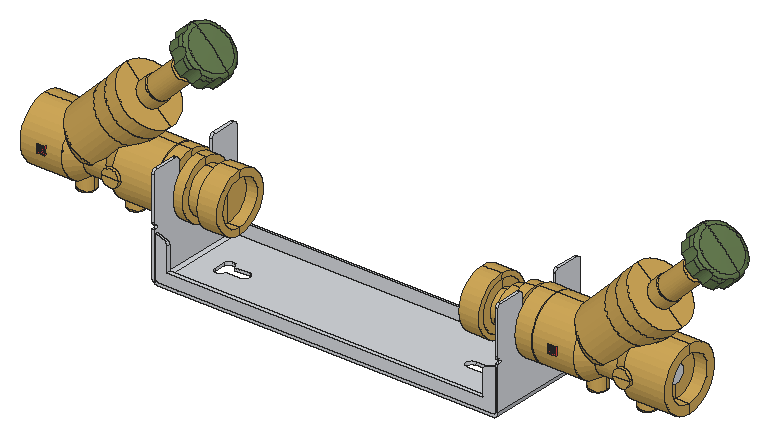
Revit family "Комплект для подключения счетчиков воды 4126", category Rohrzubehör, Revit 2018
Family settings
  Bemaßung runder Anschluss = Durchmesser verwenden
  Teiletyp = Unterbricht
  OmniClass-Nummer = 23.65.55.14
  OmniClass-Titel = Valves for Liquid Services
  Arbeitsebenenbasiert = Nein
  Immer vertikal = Ja
  Beim Laden mit Abzugskörper schneiden = Nein
  Gemeinsam genutzt = Nein
Parameters
  Шпиндель = "штампованная латунь CW 617N"  # constant formula
  Среда = "Питьевая вода"  # constant formula
  Примечание = "В соответствии со статьей 33 Регламента REACH (Registration; Evaluation; Authorisation; Restriction of Chemicals) (EC № 1907/2006) мы обязаны указать, что свинец внесен в список SVHC (Substances of Very High Concern - вещества очень высокой важности) и весовой процент свинца во всех латунных компонентах заводского изготовления в наших изделиях, превышает 0,1 % (w/w) (CAS: 7439-92-1 / EINECS: 231-100-4).\r\nПоскольку свинец является легирующим компонентом сплава, прямое негативное влияние исключается, и поэтому дополнительной информации о безопасном использовании не требуется."
  Область применения = "Для перекрытия трубопроводов системы питьевого водоснабжения и для установки водосчетчика."
  Номер заказа [instance] = size_lookup("4126W_", "Artnr", 0, Nennweite AG)  # 2412666
  Маховик = "пластик, цвет - зеленый"  # constant formula
  Макс. рабочее давление = 1600000.0 Pa  # constant formula
  Макс. рабочая температура = 80 °C  # constant formula
  Корпус = "литая латунь, устойчивая к селективной цинковой коррозии, CC770S"  # constant formula
  Давление открытия обратного клапана = "согласно DIN EN 13959"  # constant formula
  W01 = 20.00°  # constant formula
  URL = "www.herz-armaturen.ru"
  T03 [instance] = R02 - 3.000 mm  # 54.500 mm
  T02 = 17.000 mm  # constant formula
  T01 = 3.000 mm  # constant formula
  SW03 [instance] = size_lookup("4126W_", "SW3", 1.000 mm, Nennweite AG)  # 32.500 mm
  SW02 [instance] = size_lookup("4126W_", "SW2", 1.000 mm, Nennweite AG)  # 32.500 mm
  SW01 [instance] = size_lookup("4126W_", "SW1", 1.000 mm, Nennweite AG)  # 35.000 mm
  SC_NennweiteBerechnet = 0
  SC_Dimension = ""
  SCTWSEQ = "AW;SBT_TYP_AW=\"105\";2"
  SCTWCODE = "02;01;02"  # constant formula
  S05 [instance] = L02 + L12 - L03  # 214.500 mm
  S04 [instance] = L02 + L04 - L03  # 211.500 mm
  S03 = 10.000 mm  # constant formula
  S02 [instance] = Nennweite IG  # 50.000 mm
  S01 [instance] = L01 - L03  # 56.000 mm
  S = 3.000 mm  # constant formula
  R50 = 4.000 mm  # constant formula
  R02 [instance] = size_lookup("4126W_", "R2", 1.000 mm, Nennweite AG)  # 57.500 mm
  R01 [instance] = size_lookup("4126W_", "R1", 1.000 mm, Nennweite AG)  # 24.000 mm
  Nennweite IG [instance] = size_lookup("4126W_", "DN1", 1.000 mm, Nennweite AG)  # 50.000 mm
  Nennweite AG [instance] = 50.000 mm
  Макс. перепад давления на закрытом седле = 1000000.0 Pa  # constant formula
  L99 [instance] = size_lookup("4126W_", "L99", 1.000 mm, Nennweite AG)  # 300.000 mm
  L15 = 2.000 mm  # constant formula
  L14 [instance] = size_lookup("4126W_", "L14", 1.000 mm, Nennweite AG)  # 64.000 mm
  L13 [instance] = size_lookup("4126W_", "L13", 1.000 mm, Nennweite AG)  # 54.500 mm
  L12 [instance] = size_lookup("4126W_", "L12", 1.000 mm, Nennweite AG)  # 39.500 mm
  L11 [instance] = size_lookup("4126W_", "L11", 1.000 mm, Nennweite AG)  # 70.000 mm
  L10 [instance] = size_lookup("4126W_", "L10", 1.000 mm, Nennweite AG)  # 15.000 mm
  L09 [instance] = size_lookup("4126W_", "L9", 1.000 mm, Nennweite AG)  # 25.500 mm
  L08 [instance] = size_lookup("4126W_", "L8", 1.000 mm, Nennweite AG)  # 13.400 mm
  L07 [instance] = size_lookup("4126W_", "L7", 1.000 mm, Nennweite AG)  # 22.000 mm
  L06 [instance] = size_lookup("4126W_", "L6", 1.000 mm, Nennweite AG)  # 25.000 mm
  L05 [instance] = size_lookup("4126W_", "L5", 1.000 mm, Nennweite AG)  # 35.500 mm
  L04 [instance] = size_lookup("4126W_", "L4", 1.000 mm, Nennweite AG)  # 36.500 mm
  L03 [instance] = size_lookup("4126W_", "L3", 1.000 mm, Nennweite AG)  # 21.000 mm
  L02 [instance] = (L00 / 2) + 1.000 mm  # 196.000 mm
  L01 [instance] = size_lookup("4126W_", "L1", 1.000 mm, Nennweite AG)  # 77.000 mm
  L00 [instance] = size_lookup("4126W_", "L", 1.000 mm, Nennweite AG)  # 390.000 mm
  Конус = "штампованная латунь CW 617N"  # constant formula
  Hersteller = "HERZ Armaturen Ges.m.b.H."  # constant formula
  H01 [instance] = 75.000 mm  # constant formula
  H00 [instance] = 115.000 mm  # constant formula
  Незапланированные повышения температуры = "до  95 °C, продолжительностью не более 1 часа"  # constant formula
  G2 [instance] = Nennweite IG / 2  # 25.000 mm
  G1 [instance] = Nennweite AG / 2  # 25.000 mm
  DN50 [instance] = Nennweite AG = 50.000 mm  # yes
  DN40 [instance] = Nennweite AG = 40.000 mm  # no
  DN32 [instance] = Nennweite AG = 32.000 mm  # no
  DN25 [instance] = Nennweite AG = 25.000 mm  # no
  DN20 [instance] = Nennweite AG = 20.000 mm  # no
  D06 [instance] = size_lookup("4126W_", "D6", 1.000 mm, Nennweite AG)  # 21.500 mm
  D05 [instance] = size_lookup("4126W_", "D5", 1.000 mm, Nennweite AG)  # 27.000 mm
  D04 [instance] = size_lookup("4126W_", "D4", 1.000 mm, Nennweite AG)  # 18.200 mm
  D03 [instance] = size_lookup("4126W_", "D3", 1.000 mm, Nennweite AG)  # 25.000 mm
  D02 [instance] = size_lookup("4126W_", "D2", 1.000 mm, Nennweite AG)  # 25.000 mm
  D01 [instance] = size_lookup("4126W_", "D1", 1.000 mm, Nennweite AG)  # 22.500 mm
  Скоба = "оцинкованная листовая сталь"  # constant formula
  ABvor [instance] = size_lookup("4126W_", "ABvor", 1.000 mm, Nennweite AG)  # 346.500 mm
  ABnach [instance] = size_lookup("4126W_", "ABnach", 1.000 mm, Nennweite AG)  # 349.500 mm
Reference planes
  plane 1 "Mitte (Vorne/hinten)": y = 0
  plane 2: z = 0
  plane 3 "Mitte (Links/rechts)": x = 0
Forms (mm)
  Extrusion 1, solid, detail levels fine
    sketch origin (0, 0, 0) x (1, 0, 0) y (0, 0, 1)
      loop
        line (195, 40) -> (192, 40) -> (192, -69)
        arc (192, -69) -> (191.121, -71.121) -> (189, -72) r 3
        line (189, -72) -> (-189, -72)
        arc (-189, -72) -> (-191.121, -71.121) -> (-192, -69) r 3
        line (-192, -69) -> (-192, 40) -> (-195, 40) -> (-195, -69)
        arc (-195, -69) -> (-193.243, -73.243) -> (-189, -75) r 6
        line (-189, -75) -> (189, -75)
        arc (189, -75) -> (193.243, -73.243) -> (195, -69) r 6
        line (195, -69) -> (195, 40)
    from -57.5 to 57.5
  Extrusion 2, solid, detail levels fine
    sketch origin (0, 0, 0) x (1, 0, 0) y (0, 0, 1)
      loop
        line (-192, -23.301) -> (-192, -69)
        arc (-192, -69) -> (-191.121, -71.121) -> (-189, -72) r 3
        line (-189, -72) -> (189, -72)
        arc (189, -72) -> (191.121, -71.121) -> (192, -69) r 3
        line (192, -69) -> (192, -23.301) -> (180.632, -27.439)
        arc (180.632, -27.439) -> (178.723, -28.904) -> (178, -31.198) r 4
        line (178, -31.198) -> (178, -58) -> (-178, -58) -> (-178, -31.198)
        arc (-178, -31.198) -> (-178.723, -28.904) -> (-180.632, -27.439) r 4
        line (-180.632, -27.439) -> (-192, -23.301)
    from -57.5 to -54.5
  Extrusion 3, void
    sketch origin (0, 0, 0) x (0, 1, 0) y (0, 0, 1)
      loop
        arc (-24, 0) -> (0, -24) -> (24, 0) r 24
        line (24, 0) -> (24, 36)
        arc (24, 36) -> (25.172, 38.828) -> (28, 40) r 4
        line (28, 40) -> (53.5, 40)
        arc (53.5, 40) -> (56.328, 38.828) -> (57.5, 36) r 4
        line (57.5, 36) -> (57.5, -13)
        arc (57.5, -13) -> (56.621, -15.121) -> (54.5, -16) r 3
        arc (54.5, -16) -> (52.5, -18) -> (54.5, -20) r 2
        line (54.5, -20) -> (65.5, -20) -> (65.5, 45) -> (-65.5, 45) -> (-65.5, -20) -> (-54.5, -20)
        arc (-54.5, -20) -> (-52.5, -18) -> (-54.5, -16) r 2
        arc (-54.5, -16) -> (-56.621, -15.121) -> (-57.5, -13) r 3
        line (-57.5, -13) -> (-57.5, 36)
        arc (-57.5, 36) -> (-56.328, 38.828) -> (-53.5, 40) r 4
        line (-53.5, 40) -> (-28, 40)
        arc (-28, 40) -> (-25.172, 38.828) -> (-24, 36) r 4
        line (-24, 36) -> (-24, 0)
    from 300 to -300
  Extrusion 4, void
    sketch origin (0, 0, 0) x (1, 0, 0) y (0, 1, 0)
      loop
        arc (119.097, 6.1) -> (112.997, 0) -> (119.097, -6.1) r 6.1
        line (119.097, -6.1) -> (158.897, -6.1)
        arc (158.897, -6.1) -> (164.997, 0) -> (158.897, 6.1) r 6.1
        line (158.897, 6.1) -> (119.097, 6.1)
      loop
        line (-165, 6.1) -> (-165, -6.1)
        arc (-165, -6.1) -> (-158.9, -12.2) -> (-152.8, -6.1) r 6.1
        line (-152.8, -6.1) -> (-136.1, -6.1)
        arc (-136.1, -6.1) -> (-130, 0) -> (-136.1, 6.1) r 6.1
        line (-136.1, 6.1) -> (-152.8, 6.1)
        arc (-152.8, 6.1) -> (-158.9, 12.2) -> (-165, 6.1) r 6.1
    from -75 to -72
  Revolve 5, solid, material "Messing, weicher Gelbton, geschweißt", detail levels fine
    sketch origin (0, 0, 0) x (1, 0, 0) y (0, 0, 1)
      loop
        line (-232.5, 0) -> (-155.5, 0) -> (-155.5, 25) -> (-180.5, 25) -> (-180.5, 32.5) -> (-191, 32.5) -> (-191, 22.5) -> (-196, 22.5) -> (-196, 35) -> (-211.5, 35) -> (-211.5, 25) -> (-232.5, 25) -> (-232.5, 0)
      axis (-232.5, 0) -> (-155.5, 0)
    angle from 0 to 360
  Revolve 6, solid, material "Messing, weicher Gelbton, geschweißt", detail levels fine
    sketch origin (0, 0, 0) x (1, 0, 0) y (0, 0, 1)
      loop
        line (-164.1, 0) -> (-155.5, 0) -> (-155.5, 25) -> (-142.1, 25) -> (-142.1, 32.5) -> (-164.1, 32.5) -> (-164.1, 0)
      axis (-164.1, 0) -> (-142.1, 0)
    angle from 0 to 360
  Revolve 7, solid, material "Messing, weicher Gelbton, geschweißt", detail levels fine
    sketch origin (0, 0, 0) x (-1, 0, 0) y (0, 0, 1)
      loop
        line (-235.5, 0) -> (-198, 0) -> (-198, 18.2) -> (-165.5, 18.2) -> (-165.5, 25) -> (-180.5, 25) -> (-180.5, 32.5) -> (-191, 32.5) -> (-191, 22.5) -> (-196, 22.5) -> (-196, 35) -> (-214.5, 35) -> (-214.5, 25) -> (-235.5, 25) -> (-235.5, 0)
      axis (-235.5, 0) -> (-165.5, 0)
    angle from 0 to 360
  Revolve 8, solid, material "Messing, weicher Gelbton, geschweißt", detail levels fine
    sketch origin (0, 0, 0) x (1, 0, 0) y (0, 0, 1)
      loop
        line (208.5, 0) -> (208.5, 18.2) -> (154, 18.2) -> (154, 27) -> (146.5, 27) -> (146.5, 21.5) -> (144.5, 21.5) -> (144.5, 0) -> (208.5, 0)
      axis (144.5, 0) -> (208.5, 0)
    angle from 0 to 360
  Revolve 9, solid, material "Messing, weicher Gelbton, geschweißt", detail levels fine
    sketch origin (-18.22, 0, 0) x (-1, 0, 0) y (0, 0, 1)
      loop
        line (-171.32, 0) -> (-162.72, 0) -> (-162.72, 25) -> (-149.32, 25) -> (-149.32, 32.5) -> (-171.32, 32.5) -> (-171.32, 0)
      axis (-171.32, 0) -> (-149.32, 0)
    angle from 0 to 360
  Extrusion 10, solid, detail levels fine
    sketch origin (0, 0, 0) x (1, 0, 0) y (0, 0, 1)
      loop
        line (-192, -23.301) -> (-192, -69)
        arc (-192, -69) -> (-191.121, -71.121) -> (-189, -72) r 3
        line (-189, -72) -> (189, -72)
        arc (189, -72) -> (191.121, -71.121) -> (192, -69) r 3
        line (192, -69) -> (192, -23.301) -> (180.632, -27.439)
        arc (180.632, -27.439) -> (178.723, -28.904) -> (178, -31.198) r 4
        line (178, -31.198) -> (178, -58) -> (-178, -58) -> (-178, -31.198)
        arc (-178, -31.198) -> (-178.723, -28.904) -> (-180.632, -27.439) r 4
        line (-180.632, -27.439) -> (-192, -23.301)
    from 54.5 to 57.5
  Extrusion 11, solid, detail levels fine
    sketch origin (55, 0, 0) x (0, 1, 0) y (0, 0, -1)
      loop
        circle (0, 0) r 10
    from 398.5 to 401.5
  Extrusion 12, solid, detail levels fine
    sketch origin (125, 0, 0) x (0, 1, 0) y (0, 0, -1)
      loop
        circle (0, 0) r 10
    from -224.5 to -221.5
Cuts and joins
  Extrusion 3, Extrusion 4 cuts Extrusion 1
Lines and regions (mm)
  model lines, detail levels coarse+medium
    curve 1: line (-211.5, 0, 0) -> (-155.5, 0, 0)
    curve 2: line (-155.5, 0, 25) -> (-155.5, 0, -25)
    curve 3: line (-155.5, 0, 25) -> (-165.5, 0, 25)
    curve 4: line (-165.5, 0, 25) -> (-155.5, 0, 0)
    curve 5: line (-155.5, 0, -25) -> (-165.5, 0, -25)
    curve 6: line (-165.5, 0, -25) -> (-155.5, 0, 0)
    curve 7: line (144.5, 0, 25) -> (144.5, 0, -25)
    curve 8: line (144.5, 0, 25) -> (154.5, 0, 25)
    curve 9: line (154.5, 0, 25) -> (144.5, 0, 0)
    curve 10: line (144.5, 0, -25) -> (154.5, 0, -25)
    curve 11: line (154.5, 0, -25) -> (144.5, 0, 0)
    curve 12: line (214.5, 0, 0) -> (144.5, 0, 0)
    curve 13: line (144.5, -25, 0) -> (144.5, 25, 0)
    curve 14: line (144.5, 25, 0) -> (154.5, 25, 0)
    curve 15: line (154.5, 25, 0) -> (144.5, 0, 0)
    curve 16: line (144.5, -25, 0) -> (154.5, -25, 0)
    curve 17: line (154.5, -25, 0) -> (144.5, 0, 0)
    curve 18: line (-155.5, -25, 0) -> (-155.5, 25, 0)
    curve 19: line (-155.5, 25, 0) -> (-165.5, 25, 0)
    curve 20: line (-165.5, 25, 0) -> (-155.5, 0, 0)
    curve 21: line (-155.5, -25, 0) -> (-165.5, -25, 0)
    curve 22: line (-165.5, -25, 0) -> (-155.5, 0, 0)
Dimensions and locks
  "H00": Extrusion 1 sketch curve to Extrusion 1 sketch curve  (x2)
  "T01": Extrusion 1 sketch curve to Extrusion 1 sketch curve  (x3)
  "L00": Extrusion 1 sketch curve to Extrusion 1 sketch curve
  equal spacing: Extrusion 1 sketch curve, plane 3 "Mitte (Links/rechts)", Extrusion 1 sketch curve
  "H01": plane 2 to Extrusion 1 sketch curve
  "T02": Extrusion 2 sketch curve to Extrusion 1
  "T02": Extrusion 1 to Extrusion 2 sketch curve  (x2)
  Extrusion 4 sketch curve to cut or joined group of Extrusion 1, Extrusion 3, Extrusion 4 = 36.103 mm
  Extrusion 4 sketch curve to Extrusion 4 sketch curve = 39.800 mm
  equal spacing: Extrusion 4 sketch curve, plane 1 "Mitte (Vorne/hinten)", Extrusion 4 sketch curve
  Extrusion 4 sketch curve to Extrusion 4 sketch curve = 12.200 mm
  cut or joined group of Extrusion 1, Extrusion 3, Extrusion 4 to Extrusion 4 sketch curve = 36.100 mm
  cut or joined group of Extrusion 1, Extrusion 3, Extrusion 4 to Extrusion 4 sketch curve = 58.900 mm
  "G1": Revolve 5 sketch curve to Revolve 5 sketch curve
  "L03": Revolve 5 sketch curve to Revolve 5 sketch curve
  "L01": Revolve 5 sketch curve to Revolve 5 sketch curve
  "L02": plane 3 "Mitte (Links/rechts)" to Revolve 5 sketch curve
  "SW01": Revolve 5 sketch curve to Revolve 5 sketch curve
  "SW02": Revolve 5 sketch curve to Revolve 5 sketch curve
  "D01": Revolve 5 sketch curve to Revolve 5 sketch curve
  "L04": Revolve 5 sketch curve to Revolve 5 sketch curve
  "L05": Revolve 5 sketch curve to Revolve 5 sketch curve
  "L06": Revolve 5 sketch curve to Revolve 5 sketch curve
  "D02": Revolve 5 sketch curve to Revolve 5 sketch curve
  "L07": Revolve 6 sketch curve to Revolve 6 sketch curve
  "SW03": Revolve 6 sketch curve to plane 2
  "G2": Revolve 6 sketch curve to plane 2
  "L08": Revolve 6 sketch curve to Revolve 5
  "L08": Revolve 6 sketch curve to Revolve 6 sketch curve
  "G1": Revolve 7 sketch curve to Revolve 7 sketch curve
  "L03": Revolve 7 sketch curve to Revolve 7 sketch curve
  "L11": Revolve 7 sketch curve to Revolve 7 sketch curve
  "SW01": Revolve 7 sketch curve to Revolve 7 sketch curve
  "SW02": Revolve 7 sketch curve to Revolve 7 sketch curve
  "D01": Revolve 7 sketch curve to Revolve 7 sketch curve
  "L12": Revolve 7 sketch curve to Revolve 7 sketch curve
  "L09": Revolve 7 sketch curve to Revolve 7 sketch curve
  "L10": Revolve 7 sketch curve to Revolve 7 sketch curve
  "D03": Revolve 7 sketch curve to Revolve 7 sketch curve
  "L02": plane 3 "Mitte (Links/rechts)" to Revolve 7 sketch curve
  "D04": Revolve 7 sketch curve to plane 2
  "D04": Revolve 8 sketch curve to Revolve 8 sketch curve
  "L13": Revolve 8 sketch curve to Revolve 8 sketch curve
  "L14": Revolve 8 sketch curve to Revolve 8 sketch curve
  "L15": Revolve 8 sketch curve to Revolve 8 sketch curve
  "D05": Revolve 8 sketch curve to Revolve 8 sketch curve
  "D06": Revolve 8 sketch curve to Revolve 8 sketch curve
  "L99": Revolve 5 to Revolve 8
  "L07": Revolve 9 sketch curve to Revolve 9 sketch curve
  "L08": Revolve 9 sketch curve to Revolve 9 sketch curve
  "L08": Revolve 8 to Revolve 9 sketch curve
  "T03": plane 1 "Mitte (Vorne/hinten)" to Extrusion 2
  "R02": cut or joined group of Extrusion 1, Extrusion 3, Extrusion 4 to plane 1 "Mitte (Vorne/hinten)" to cut or joined group of Extrusion 1, Extrusion 3, Extrusion 4
  "R02": plane 1 "Mitte (Vorne/hinten)" to Extrusion 2
  "R02": Extrusion 3 sketch curve to plane 1 "Mitte (Vorne/hinten)" to Extrusion 3 sketch curve
  "R01": Extrusion 3 sketch curve to plane 1 "Mitte (Vorne/hinten)" to Extrusion 3 sketch curve
  "T02": cut or joined group of Extrusion 1, Extrusion 3, Extrusion 4 to Extrusion 10 sketch curve  (x2)
  "T02": Extrusion 10 sketch curve to cut or joined group of Extrusion 1, Extrusion 3, Extrusion 4
  "T03": Extrusion 10 to plane 1 "Mitte (Vorne/hinten)"
  "R02": Extrusion 10 to plane 1 "Mitte (Vorne/hinten)"
  "G2": Revolve 9 sketch curve to plane 2
  "SW03": Revolve 9 sketch curve to level
  "S01": curve 1 to curve 1
  equal spacing: curve 2, plane 2, curve 2
  "S02": curve 2 to curve 2
  "S03": curve 4 to curve 2
  "S04": plane 3 "Mitte (Links/rechts)" to curve 1
  "S03": curve 6 to curve 2
  equal spacing: curve 7, plane 2, curve 7
  "S02": curve 7 to curve 7
  "S03": curve 9 to curve 7
  "S03": curve 11 to curve 7
  "S05": curve 12 to plane 3 "Mitte (Links/rechts)"
  "L99": curve 12 to curve 6
  equal spacing: curve 13, plane 1 "Mitte (Vorne/hinten)", curve 13
  "S02": curve 13 to curve 13
  "S03": curve 13 to curve 15
  "S03": curve 13 to curve 17
  equal spacing: curve 18, plane 1 "Mitte (Vorne/hinten)", curve 18
  "S02": curve 18 to curve 18
  "S03": curve 18 to curve 20
  "S03": curve 18 to curve 22
  "L99": curve 18 to Revolve 9
  "L99": Revolve 6 to curve 13
  "ABnach": Extrusion 12 to plane 3 "Mitte (Links/rechts)"
  "ABvor": plane 3 "Mitte (Links/rechts)" to Extrusion 11
  "S": Extrusion 11 to Extrusion 11
  "S": Extrusion 12 to Extrusion 12
  radius of Extrusion 4 sketch curve = 6.100 mm  (x3)
  "R50": radius of Extrusion 3 sketch curve  (x4)
  "W01": angle Extrusion 2 sketch curve to plane 2
  "W01": angle plane 2 to Extrusion 2 sketch curve
  "W01": angle Extrusion 10 sketch curve to plane 2
  "W01": angle plane 2 to Extrusion 10 sketch curve
  aligned and locked: level to plane 2
Automatic sketch dimensions
  plane 1 "Mitte (Vorne/hinten)" to Extrusion 4 sketch curve = 0.000 mm
  Extrusion 4 sketch curve to Extrusion 4 sketch curve = 0.000 mm  (x2)
  Extrusion 4 sketch curve to Extrusion 4 sketch curve = 6.100 mm
  Revolve 5 sketch curve to level = 0.000 mm  (x2)
  Revolve 5 sketch curve to Revolve 5 sketch curve = 1448.205 mm
  plane 3 "Mitte (Links/rechts)" to Revolve 5 sketch curve = 1739.472 mm
  Revolve 6 sketch curve to level = 0.000 mm  (x2)
  Revolve 6 sketch curve to Revolve 6 sketch curve = 1428.686 mm
  plane 3 "Mitte (Links/rechts)" to Revolve 6 sketch curve = 1839.148 mm
  Revolve 7 sketch curve to level = 0.000 mm  (x2)
  Revolve 7 sketch curve to Revolve 7 sketch curve = 2.000 mm
  Revolve 7 sketch curve to Revolve 7 sketch curve = 1448.205 mm
  plane 3 "Mitte (Links/rechts)" to Revolve 7 sketch curve = 1739.472 mm
  Revolve 9 sketch curve to level = 0.000 mm  (x2)
  Revolve 9 sketch curve to Revolve 9 sketch curve = 1428.686 mm
  plane 3 "Mitte (Links/rechts)" to Revolve 9 sketch curve = 1857.367 mm
  Extrusion 11 sketch curve to level = 0.000 mm
  Extrusion 11 sketch curve to plane 1 "Mitte (Vorne/hinten)" = 0.000 mm
  Extrusion 12 sketch curve to level = 0.000 mm
  Extrusion 12 sketch curve to plane 1 "Mitte (Vorne/hinten)" = 0.000 mm
  curve 12 to level = 0.000 mm
  curve 1 to level = 0.000 mm
  plane 1 "Mitte (Vorne/hinten)" to curve 15 = 0.000 mm
  plane 1 "Mitte (Vorne/hinten)" to curve 17 = 0.000 mm
  plane 1 "Mitte (Vorne/hinten)" to curve 20 = 0.000 mm
  plane 1 "Mitte (Vorne/hinten)" to curve 22 = 0.000 mm
  Extrusion 1 sketch curve to Extrusion 1 sketch curve = 0.000 mm  (x2)
  Extrusion 1 sketch curve to Extrusion 1 sketch curve = 3.000 mm  (x2)
  Extrusion 2 sketch curve to level = 27.439 mm  (x2)
  Extrusion 2 sketch curve to Extrusion 2 sketch curve = 2.632 mm  (x2)
  Extrusion 2 sketch curve to Extrusion 2 sketch curve = 4.000 mm  (x2)
  Extrusion 2 sketch curve to Extrusion 2 sketch curve = 11.000 mm  (x3)
  Extrusion 2 sketch curve to Extrusion 2 sketch curve = 11.368 mm
  Extrusion 2 sketch curve to level = 23.301 mm
  Extrusion 3 sketch curve to level = 0.000 mm
  Extrusion 3 sketch curve to Extrusion 3 sketch curve = 8.000 mm  (x2)
  Extrusion 3 sketch curve to Extrusion 3 sketch curve = 3.000 mm  (x2)
  Extrusion 3 sketch curve to level = 13.000 mm  (x2)
  Extrusion 3 sketch curve to Extrusion 3 sketch curve = 2.000 mm  (x3)
  Extrusion 3 sketch curve to Extrusion 3 sketch curve = 7.000 mm
  level to Extrusion 3 sketch curve = 36.000 mm  (x2)
  Extrusion 3 sketch curve to Extrusion 3 sketch curve = 9.000 mm
  Revolve 8 sketch curve to level = 0.000 mm  (x2)
  plane 3 "Mitte (Links/rechts)" to Revolve 8 sketch curve = 144.500 mm
  Revolve 8 sketch curve to plane 3 "Mitte (Links/rechts)" = 1506.530 mm
  Revolve 8 sketch curve to Revolve 8 sketch curve = 1759.148 mm
  Extrusion 10 sketch curve to level = 27.439 mm  (x2)
  Extrusion 10 sketch curve to Extrusion 10 sketch curve = 2.632 mm  (x2)
  Extrusion 10 sketch curve to Extrusion 10 sketch curve = 1.368 mm
  Extrusion 10 sketch curve to Extrusion 10 sketch curve = 11.000 mm  (x3)
  Extrusion 10 sketch curve to level = 23.301 mm
  Extrusion 10 sketch curve to Extrusion 10 sketch curve = 4.000 mm
  Extrusion 10 sketch curve to Extrusion 10 sketch curve = 11.368 mm
  radius of Extrusion 11 sketch curve = 10.000 mm
  radius of Extrusion 12 sketch curve = 10.000 mm
Nested families
  nested 1: "Rückflussverhinderer 4126" at (-182.5, 0, 0), visible <- "DN20", type "Rückflussverhinderer 4126"
    with S02 95.900 mm, S01 32.000 mm, R12 15.000 mm, R11 5.400 mm, R10 8.500 mm, R09 11.750 mm, R08 13.000 mm, R07 16.500 mm, R06 14.600 mm, R05 10.000 mm, R04 9.500 mm, R02 10.000 mm, R01 16.000 mm, Nennweite 20.000 mm, L16 12.000 mm, L15 12.400 mm, L14 8.000 mm, L12 33.500 mm, L11 12.500 mm, L10 11.000 mm, L09 15.500 mm, L08 30.100 mm, L07 13.500 mm, L06 34.500 mm, L05 26.500 mm, L04 25.500 mm, L02 8.000 mm, L01 24.000 mm, L00 75.000 mm, H01 26.400 mm, DN50 no, DN40 no, DN32 no, DN25-DN50 no, DN25 no, DN20 yes, DN15 no, Bestellnummer 2412602
  nested 2: "Rückflussverhinderer 4126" at (183.5, 0, 0), visible <- "DN20", type "Rückflussverhinderer 4126"
    with S02 95.900 mm, S01 32.000 mm, R12 15.000 mm, R11 5.400 mm, R10 8.500 mm, R09 11.750 mm, R08 13.000 mm, R07 16.500 mm, R06 14.600 mm, R05 10.000 mm, R04 9.500 mm, R02 10.000 mm, R01 16.000 mm, Nennweite 20.000 mm, L16 12.000 mm, L15 12.400 mm, L14 8.000 mm, L12 33.500 mm, L11 12.500 mm, L10 11.000 mm, L09 15.500 mm, L08 30.100 mm, L07 13.500 mm, L06 34.500 mm, L05 26.500 mm, L04 25.500 mm, L02 8.000 mm, L01 24.000 mm, L00 75.000 mm, H01 26.400 mm, DN50 no, DN40 no, DN32 no, DN25-DN50 no, DN25 no, DN20 yes, DN15 no, Bestellnummer 2412602
  nested 3: "Rückflussverhinderer 4126" at (-190, 0, 0), visible <- "DN25", type "Rückflussverhinderer 4126"
    with S02 113.800 mm, S01 41.000 mm, R12 19.500 mm, R11 6.000 mm, R10 9.000 mm, R09 12.750 mm, R08 14.000 mm, R07 20.000 mm, R06 17.750 mm, R05 12.500 mm, R04 9.500 mm, R02 12.500 mm, R01 20.500 mm, Nennweite 25.000 mm, L16 13.500 mm, L15 12.400 mm, L14 12.000 mm, L12 43.400 mm, L11 22.400 mm, L10 11.000 mm, L09 19.500 mm, L08 34.000 mm, L07 18.000 mm, L06 38.500 mm, L05 25.500 mm, L04 25.500 mm, L02 11.000 mm, L01 27.000 mm, L00 90.000 mm, H01 32.000 mm, DN50 no, DN40 no, DN32 no, DN25-DN50 yes, DN25 yes, DN20 no, DN15 no, Bestellnummer 2412603
  nested 4: "Rückflussverhinderer 4126" at (191, 0, 0), visible <- "DN25", type "Rückflussverhinderer 4126"
    with S02 113.800 mm, S01 41.000 mm, R12 19.500 mm, R11 6.000 mm, R10 9.000 mm, R09 12.750 mm, R08 14.000 mm, R07 20.000 mm, R06 17.750 mm, R05 12.500 mm, R04 9.500 mm, R02 12.500 mm, R01 20.500 mm, Nennweite 25.000 mm, L16 13.500 mm, L15 12.400 mm, L14 12.000 mm, L12 43.400 mm, L11 22.400 mm, L10 11.000 mm, L09 19.500 mm, L08 34.000 mm, L07 18.000 mm, L06 38.500 mm, L05 25.500 mm, L04 25.500 mm, L02 11.000 mm, L01 27.000 mm, L00 90.000 mm, H01 32.000 mm, DN50 no, DN40 no, DN32 no, DN25-DN50 yes, DN25 yes, DN20 no, DN15 no, Bestellnummer 2412603
  nested 5: "Rückflussverhinderer 4126" at (-200, 0, 0), visible <- "DN32", type "Rückflussverhinderer 4126"
    with S02 129.700 mm, S01 50.000 mm, R12 24.000 mm, R11 6.000 mm, R10 9.000 mm, R09 12.750 mm, R08 14.000 mm, R07 25.000 mm, R06 24.000 mm, R05 16.000 mm, R04 9.500 mm, R02 16.000 mm, R01 25.000 mm, Nennweite 32.000 mm, L16 16.500 mm, L15 12.400 mm, L14 12.000 mm, L12 47.300 mm, L11 26.300 mm, L10 11.000 mm, L09 10.000 mm, L08 52.700 mm, L07 20.000 mm, L06 60.000 mm, L05 28.600 mm, L04 27.500 mm, L02 7.500 mm, L01 33.000 mm, L00 110.000 mm, H01 39.000 mm, DN50 no, DN40 no, DN32 yes, DN25-DN50 yes, DN25 no, DN20 no, DN15 no, Bestellnummer 2412604
  nested 6: "Rückflussverhinderer 4126" at (201, 0, 0), visible <- "DN32", type "Rückflussverhinderer 4126"
    with S02 129.700 mm, S01 50.000 mm, R12 24.000 mm, R11 6.000 mm, R10 9.000 mm, R09 12.750 mm, R08 14.000 mm, R07 25.000 mm, R06 24.000 mm, R05 16.000 mm, R04 9.500 mm, R02 16.000 mm, R01 25.000 mm, Nennweite 32.000 mm, L16 16.500 mm, L15 12.400 mm, L14 12.000 mm, L12 47.300 mm, L11 26.300 mm, L10 11.000 mm, L09 10.000 mm, L08 52.700 mm, L07 20.000 mm, L06 60.000 mm, L05 28.600 mm, L04 27.500 mm, L02 7.500 mm, L01 33.000 mm, L00 110.000 mm, H01 39.000 mm, DN50 no, DN40 no, DN32 yes, DN25-DN50 yes, DN25 no, DN20 no, DN15 no, Bestellnummer 2412604
  nested 7: "Rückflussverhinderer 4126" at (-274.5, 0, 0), visible <- "DN40", type "Rückflussverhinderer 4126"
    with S02 143.400 mm, S01 55.000 mm, R12 26.500 mm, R11 6.000 mm, R10 9.000 mm, R09 12.750 mm, R08 14.000 mm, R07 28.500 mm, R06 27.000 mm, R05 20.000 mm, R04 9.500 mm, R02 20.000 mm, R01 27.500 mm, Nennweite 40.000 mm, L16 19.000 mm, L15 12.400 mm, L14 14.000 mm, L12 50.000 mm, L11 28.000 mm, L10 12.000 mm, L09 15.000 mm, L08 51.500 mm, L07 21.000 mm, L06 66.000 mm, L05 32.000 mm, L04 31.000 mm, L02 9.000 mm, L01 38.000 mm, L00 120.000 mm, H01 40.000 mm, DN50 no, DN40 yes, DN32 no, DN25-DN50 yes, DN25 no, DN20 no, DN15 no, Bestellnummer 2412605
  nested 8: "Rückflussverhinderer 4126" at (274.5, 0, 0), visible <- "DN40", type "Rückflussverhinderer 4126"
    with S02 143.400 mm, S01 55.000 mm, R12 26.500 mm, R11 6.000 mm, R10 9.000 mm, R09 12.750 mm, R08 14.000 mm, R07 28.500 mm, R06 27.000 mm, R05 20.000 mm, R04 9.500 mm, R02 20.000 mm, R01 27.500 mm, Nennweite 40.000 mm, L16 19.000 mm, L15 12.400 mm, L14 14.000 mm, L12 50.000 mm, L11 28.000 mm, L10 12.000 mm, L09 15.000 mm, L08 51.500 mm, L07 21.000 mm, L06 66.000 mm, L05 32.000 mm, L04 31.000 mm, L02 9.000 mm, L01 38.000 mm, L00 120.000 mm, H01 40.000 mm, DN50 no, DN40 yes, DN32 no, DN25-DN50 yes, DN25 no, DN20 no, DN15 no, Bestellnummer 2412605
  nested 9: "Rückflussverhinderer 4126" at (-286.5, 0, 0), visible <- "DN50", type "Rückflussverhinderer 4126"
    with S02 182.900 mm, S01 70.000 mm, R12 34.000 mm, R11 6.000 mm, R10 9.000 mm, R09 13.000 mm, R08 14.000 mm, R07 35.000 mm, R06 33.500 mm, R05 25.000 mm, R04 9.500 mm, R02 25.000 mm, R01 35.000 mm, Nennweite 50.000 mm, L16 23.500 mm, L15 12.400 mm, L14 19.000 mm, L12 66.500 mm, L11 41.000 mm, L10 15.500 mm, L09 17.500 mm, L08 66.000 mm, L07 31.500 mm, L06 86.500 mm, L05 36.500 mm, L04 37.500 mm, L02 13.000 mm, L01 47.000 mm, L00 150.000 mm, H01 45.000 mm, DN50 yes, DN40 no, DN32 no, DN25-DN50 yes, DN25 no, DN20 no, DN15 no, Bestellnummer 2412606
  nested 10: "Rückflussverhinderer 4126" at (289.5, 0, 0), visible <- "DN50", type "Rückflussverhinderer 4126"
    with S02 182.900 mm, S01 70.000 mm, R12 34.000 mm, R11 6.000 mm, R10 9.000 mm, R09 13.000 mm, R08 14.000 mm, R07 35.000 mm, R06 33.500 mm, R05 25.000 mm, R04 9.500 mm, R02 25.000 mm, R01 35.000 mm, Nennweite 50.000 mm, L16 23.500 mm, L15 12.400 mm, L14 19.000 mm, L12 66.500 mm, L11 41.000 mm, L10 15.500 mm, L09 17.500 mm, L08 66.000 mm, L07 31.500 mm, L06 86.500 mm, L05 36.500 mm, L04 37.500 mm, L02 13.000 mm, L01 47.000 mm, L00 150.000 mm, H01 45.000 mm, DN50 yes, DN40 no, DN32 no, DN25-DN50 yes, DN25 no, DN20 no, DN15 no, Bestellnummer 2412606
Connectors
  piping at (-346.5, 0, 0), diameter 50, driven by "Nennweite AG"
    settings: on Extrusion 11, index 1, connector inside diameter 609.6 mm, connector length 0.000 mm, flow factor 0, pipe flow 0.0 L/s, pressure drop 0.0 Pa, fitting loss kfactor 0, connector angle 0.00°, fixture units 0, engagement length 0.000 mm, angle of deflection 0.00°, flow configuration 0, flow direction 1, fitting loss method 0, system type 20, joint type 0, gender type 0, connector reference index -1, connector utility 0, adjustable connector no, is connector primary yes, connector description ""
  piping at (349.5, 0, 0), diameter 50, driven by "Nennweite AG"
    settings: on Extrusion 12, index 2, connector inside diameter 609.6 mm, connector length 0.000 mm, flow factor 0, pipe flow 0.0 L/s, pressure drop 0.0 Pa, fitting loss kfactor 0, connector angle 0.00°, fixture units 0, engagement length 0.000 mm, angle of deflection 0.00°, flow configuration 0, flow direction 2, fitting loss method 0, system type 20, joint type 0, gender type 0, connector reference index -1, connector utility 0, adjustable connector no, is connector primary no, connector description ""
Definition of nested family "Rückflussverhinderer 4126"
  Parameters (values of type "Rückflussverhinderer 4126")
    W01 = 45.00°  # constant formula
    URL = "www.herz-armaturen.at"
    Spindel = "geschmiedetes Messing CW617N"  # constant formula
    SW01 = 60.00°  # constant formula
    SC_NennweiteBerechnet = 0
    SC_Dimension = ""
    SCTWSEQ = "FW;SBT_TYP_FW=\"109\";2"
    SCTWCODE = "04;00;02"  # constant formula
    S03 = 60.000 mm  # constant formula
    S02 [instance] = L06 + L09 + L12 + L15  # 95.900 mm
    S01 [instance] = R01 * 2  # 32.000 mm
    R12 [instance] = R01 - 1.000 mm  # 15.000 mm
    R11 [instance] = size_lookup("4126_", "R11", 46.500 mm, Nennweite)  # 5.400 mm
    R100 = 1.000 mm  # constant formula
    R10 [instance] = size_lookup("4126_", "R10", 46.500 mm, Nennweite)  # 8.500 mm
    R09 [instance] = size_lookup("4126_", "R9", 46.500 mm, Nennweite)  # 11.750 mm
    R08 [instance] = size_lookup("4126_", "R8", 46.500 mm, Nennweite)  # 13.000 mm
    R07 [instance] = size_lookup("4126_", "R7", 46.500 mm, Nennweite)  # 16.500 mm
    R06 [instance] = size_lookup("4126_", "R6", 43.000 mm, Nennweite)  # 14.600 mm
    R05 [instance] = Nennweite / 2  # 10.000 mm
    R04 [instance] = size_lookup("4126_", "R4", 11.500 mm, Nennweite)  # 9.500 mm
    R03 = 9.500 mm  # constant formula
    R02 [instance] = Nennweite / 2  # 10.000 mm
    R01 [instance] = size_lookup("4126_", "R1", 11.500 mm, Nennweite)  # 16.000 mm
    Nennweite [instance] = 20.000 mm
    Max.Betriebstemperatur = 80 °C  # constant formula
    Max.Betriebsdruck = 1600000.0 Pa  # constant formula
    L16 [instance] = L01 / 2  # 12.000 mm
    L15 [instance] = size_lookup("4126_", "L15", 12.400 mm, Nennweite)  # 12.400 mm
    L14 [instance] = size_lookup("4126_", "L14", 81.000 mm, Nennweite)  # 8.000 mm
    L12 [instance] = size_lookup("4126_", "L12", 81.000 mm, Nennweite)  # 33.500 mm
    L11 [instance] = size_lookup("4126_", "L11", 60.000 mm, Nennweite)  # 12.500 mm
    L10 [instance] = size_lookup("4126_", "L10", 20.000 mm, Nennweite)  # 11.000 mm
    L09 [instance] = size_lookup("4126_", "L9", 11.000 mm, Nennweite)  # 15.500 mm
    L08 [instance] = size_lookup("4126_", "L8", 35.000 mm, Nennweite)  # 30.100 mm
    L07 [instance] = size_lookup("4126_", "L7", 35.000 mm, Nennweite)  # 13.500 mm
    L06 [instance] = size_lookup("4126_", "L6", 118.000 mm, Nennweite) - L09  # 34.500 mm
    L05 [instance] = size_lookup("4126_", "L5", 44.000 mm, Nennweite)  # 26.500 mm
    L04 [instance] = size_lookup("4126_", "L4", 45.000 mm, Nennweite)  # 25.500 mm
    L03 = 15.000 mm  # constant formula
    L02 [instance] = size_lookup("4126_", "L2", 22.000 mm, Nennweite)  # 8.000 mm
    L01 [instance] = size_lookup("4126_", "L1", 48.000 mm, Nennweite)  # 24.000 mm
    L00 [instance] = size_lookup("4126_", "L", 180.000 mm, Nennweite)  # 75.000 mm
    Kegel = "geschmiedetes Messing CW617N"  # constant formula
    Manufacturer = "Herz-Armaturen GmbH"  # constant formula
    Handrad = "Kunststoff, grün"  # constant formula
    H01 [instance] = size_lookup("4126_", "H1", 53.000 mm, Nennweite)  # 26.400 mm
    Gehäuse = "entzinkungsbeständiges Gussmessing CC770S"  # constant formula
    DN50 [instance] = Nennweite = 50.000 mm  # no
    DN40 [instance] = Nennweite = 40.000 mm  # no
    DN32 [instance] = Nennweite = 32.000 mm  # no
    DN25-DN50 [instance] = or(Nennweite = 25.000 mm, Nennweite = 32.000 mm, Nennweite = 40.000 mm, Nennweite = 50.000 mm)  # no
    DN25 [instance] = Nennweite = 25.000 mm  # no
    DN20 [instance] = Nennweite = 20.000 mm  # yes
    DN15 [instance] = Nennweite = 15.000 mm  # no
    Bestellnummer [instance] = size_lookup("4126_", "Artnr", 0, Nennweite)  # 2412602
    Anwendungsgebiet = "Zum Absperren von Trinkwasserleitungen und -anlagen in Gebäuden\r\nMax. Betreibstemp.: 80°C (gelegentlicher Temperaturansteig bis 95°C sind zulässig, wenn sie nicht länger als 1h andauern)\r\nMax. Betiebsdruck: 10bar"
  Reference planes
    plane 1 "Mitte (Vorne/hinten)": y = 0
    plane 2: z = 0
    plane 3 "Mitte (Links/rechts)": x = 0
  Forms (mm)
    Revolve 1, solid, detail levels fine
      sketch origin (470, 0, 0) x (1, 0, 0) y (0, 0, 1)
        loop
          line (-507.5, 10) -> (-492.5, 10) -> (-492.5, 0) -> (-447.5, 0) -> (-447.5, 10) -> (-432.5, 10) -> (-432.5, 16) -> (-456.5, 16) -> (-462, 10) -> (-478, 10) -> (-483.5, 16) -> (-507.5, 16) -> (-507.5, 10)
        axis (-507.5, 0) -> (-432.5, 0)
      angle from 0 to 360
    Revolve 2, solid, detail levels fine
      sketch origin (470, 0, 0) x (1, 0, 0) y (0, 0, 1)
        loop
          line (-493, 0) -> (-493, -25.4)
          arc (-493, -25.4) -> (-492.707, -26.107) -> (-492, -26.4) r 1
          line (-492, -26.4) -> (-483.5, -26.4) -> (-483.5, 0) -> (-493, 0)
        axis (-483.5, 0) -> (-483.5, -26.4)
      angle from 0 to 360
    Revolve 3, solid, detail levels fine
      sketch origin (0, 0, 0) x (1, 0, 0) y (0, 1, 0)
        loop
          line (13.5, -25.5) -> (23, -25.5) -> (23, 26.5) -> (13.5, 26.5) -> (13.5, -25.5)
        axis (13.5, -25.5) -> (13.5, 26.5)
      angle from 0 to 360
    Revolve 4, solid, visible <- "DN25-DN50", detail levels fine
      sketch origin (-470, 0, 0) x (-1, 0, 0) y (0, 0, 1)
        loop
          line (-493, 0) -> (-493, -25.4)
          arc (-493, -25.4) -> (-492.707, -26.107) -> (-492, -26.4) r 1
          line (-492, -26.4) -> (-483.5, -26.4) -> (-483.5, 0) -> (-493, 0)
        axis (-483.5, 0) -> (-483.5, -26.4)
      angle from 0 to 360
    Revolve 5, solid, detail levels fine
      sketch origin (0.32, 0, -0.105) x (1, 0, 0) y (0, 0, 1)
        loop
          line (-13.82, 0) -> (53.991, 67.812) -> (50.173, 71.63) -> (41.405, 62.862) -> (39.213, 65.054) -> (32.142, 57.983) -> (29.844, 60.281) -> (21.005, 51.442) -> (20.121, 52.326) -> (12.343, 44.548) -> (9.868, 47.023) -> (-1.092, 36.062) -> (-2.86, 31.608) -> (-18.487, 15.981) -> (-20.891, 7.071) -> (-13.82, 0)
        axis (-13.82, 0) -> (53.991, 67.812)
      angle from 0 to 360
  Lines and regions (mm)
    model lines, detail levels coarse+medium
      curve 1: line (-37.5, 0, 16) -> (-37.5, 0, -16)
      curve 2: line (-37.5, 0, -16) -> (37.5, 0, 16)
      curve 3: line (37.5, 0, 16) -> (37.5, 0, -16)
      curve 4: line (37.5, 0, -16) -> (-37.5, 0, 16)
      curve 5: line (0, 0, 0) -> (47.95, 0, 83.052)
      curve 6: line (21.969, 0, 98.052) -> (73.931, 0, 68.052)
      curve 7: line (-37.5, -16, 0) -> (-37.5, 16, 0)
      curve 8: line (-37.5, 16, 0) -> (37.5, -16, 0)
      curve 9: line (37.5, -16, 0) -> (37.5, 16, 0)
      curve 10: line (37.5, 16, 0) -> (-37.5, -16, 0)
      curve 11: line (0, 0, 0) -> (47.95, 83.052, 0)
      curve 12: line (21.969, 98.052, 0) -> (73.931, 68.052, 0)
  Dimensions and locks
    "H01": plane 2 to Revolve 2 sketch curve
    "L00": Revolve 1 sketch curve to Revolve 1 sketch curve
    equal spacing: Revolve 1 sketch curve, plane 3 "Mitte (Links/rechts)", Revolve 1 sketch curve
    "R01": Revolve 1 sketch curve to Revolve 1 sketch curve  (x2)
    "R02": Revolve 1 sketch curve to Revolve 1 sketch curve  (x3)
    "L01": Revolve 1 sketch curve to Revolve 1 sketch curve  (x2)
    "L02": plane 3 "Mitte (Links/rechts)" to Revolve 1 sketch curve
    "L02": Revolve 1 sketch curve to plane 3 "Mitte (Links/rechts)"
    "L03": Revolve 1 sketch curve to Revolve 1 sketch curve  (x2)
    "L01": Revolve 1 to Revolve 2 sketch curve
    "R03": Revolve 2 sketch curve to Revolve 2 sketch curve
    "L01": Revolve 4 sketch curve to Revolve 1
    "R03": Revolve 4 sketch curve to Revolve 4 sketch curve
    "H01": plane 2 to Revolve 4 sketch curve
    "L04": Revolve 3 sketch curve to plane 1 "Mitte (Vorne/hinten)"
    "L05": plane 1 "Mitte (Vorne/hinten)" to Revolve 3 sketch curve
    "R04": Revolve 3 sketch curve to Revolve 3 sketch curve
    "L01": Revolve 3 sketch curve to Revolve 1
    "R07": Revolve 5 sketch curve to Revolve 5 sketch curve
    "L07": plane 3 "Mitte (Links/rechts)" to Revolve 5 sketch curve
    "R05": Revolve 5 sketch curve to Revolve 5 sketch curve
    "L06": Revolve 5 sketch curve to Revolve 5 sketch curve
    "L08": Revolve 5 sketch curve to Revolve 5 sketch curve
    "R06": Revolve 5 sketch curve to Revolve 5 sketch curve
    "L14": Revolve 5 sketch curve to Revolve 5 sketch curve
    "L09": Revolve 5 sketch curve to Revolve 5 sketch curve
    "R08": Revolve 5 sketch curve to Revolve 5 sketch curve
    "L10": Revolve 5 sketch curve to Revolve 5 sketch curve
    "R09": Revolve 5 sketch curve to Revolve 5 sketch curve
    "R10": Revolve 5 sketch curve to Revolve 5 sketch curve
    "L12": Revolve 5 sketch curve to Revolve 5 sketch curve
    "R11": Revolve 5 sketch curve to Revolve 5 sketch curve
    "L15": Revolve 5 sketch curve to Revolve 5 sketch curve
    "L11": Revolve 5 sketch curve to Revolve 5 sketch curve
    "R12": nested 7 to plane 1 "Mitte (Vorne/hinten)"
    "L16": Revolve 1 to nested 7
    "L00": curve 1 to curve 3
    "S01": curve 4 to curve 2
    "S01": curve 3 to curve 4
    equal spacing: curve 4, plane 2, curve 2
    equal spacing: curve 3, plane 2, curve 4
    "S02": curve 5 to curve 5
    equal spacing: curve 6, curve 5, curve 6
    "S03": curve 6 to curve 6
    "L00": curve 7 to curve 9
    "S01": curve 10 to curve 8
    curve 9 to curve 10 = 32.000 mm
    equal spacing: curve 12, curve 11, curve 12
    "S03": curve 12 to curve 12
    "S02": curve 11 to curve 11
    equal spacing: curve 10, plane 1 "Mitte (Vorne/hinten)", curve 8
    equal spacing: curve 9, plane 1 "Mitte (Vorne/hinten)", curve 10
    equal spacing: curve 7, plane 3 "Mitte (Links/rechts)", curve 9
    equal spacing: Revolve 1, curve 5, Revolve 1
    equal spacing: curve 7, curve 11, Revolve 1
    equal spacing: curve 1, plane 3 "Mitte (Links/rechts)", curve 3
    "R100": radius of Revolve 2 sketch curve
    "R100": radius of Revolve 4 sketch curve
    "W01": angle plane 2 to Revolve 5 sketch curve
    "W01": angle level to Revolve 5 sketch curve
    "SW01": angle plane 2 to curve 5
    "SW01": angle plane 1 "Mitte (Vorne/hinten)" to curve 11
    aligned and locked: level to plane 2
  Automatic sketch dimensions
    curve 5 to level = 0.000 mm
    plane 1 "Mitte (Vorne/hinten)" to curve 11 = 0.000 mm
    Revolve 1 sketch curve to level = 0.000 mm  (x2)
    Revolve 1 sketch curve to Revolve 1 sketch curve = 791.990 mm
    Revolve 1 sketch curve to Revolve 1 sketch curve = 2278.983 mm
    Revolve 2 sketch curve to level = 0.000 mm  (x2)
    Revolve 2 sketch curve to Revolve 2 sketch curve = 0.000 mm
    Revolve 2 sketch curve to Revolve 2 sketch curve = 0.292 mm
    Revolve 3 sketch curve to Revolve 3 sketch curve = 0.000 mm  (x3)
    Revolve 4 sketch curve to level = 0.000 mm  (x2)
    Revolve 4 sketch curve to Revolve 4 sketch curve = 0.000 mm
    Revolve 4 sketch curve to Revolve 4 sketch curve = 0.292 mm
    Revolve 5 sketch curve to level = 0.105 mm
    Revolve 5 sketch curve to Revolve 5 sketch curve = 0.000 mm  (x2)
  Nested families
    nested 1: "Strömax-Handrad_Schrägsitz (Grün)" at (42.584, 0, 54.979), visible <- "DN15", type "Strömax-Handrad_Schrägsitz (Grün)", detail levels fine
      with Nennweite 0.000 mm, Gewicht 0.00 kg, Bestellnummer 0
    nested 2: "Strömax-Handrad_Schrägsitz (Grün)" at (54.312, 0, 67.707), visible <- "DN20", type "Strömax-Handrad_Schrägsitz (Grün)", detail levels fine
      with Nennweite 0.000 mm, Gewicht 0.00 kg, Bestellnummer 0
    nested 3: "Strömax-Handrad_Schrägsitz (Grün)" at (62.469, 0, 80.364), visible <- "DN25", type "Strömax-Handrad_Schrägsitz (Grün)", detail levels fine
      with Nennweite 0.000 mm, Gewicht 0.00 kg, Bestellnummer 0
    nested 4: "Strömax-Handrad_Schrägsitz (Grün)" at (71.712, 0, 91.607), visible <- "DN32", type "Strömax-Handrad_Schrägsitz (Grün)", detail levels fine
      with Nennweite 0.000 mm, Gewicht 0.00 kg, Bestellnummer 0
    nested 5: "Strömax-Handrad_Schrägsitz (Grün)" at (80.399, 0, 101.294), visible <- "DN40", type "Strömax-Handrad_Schrägsitz (Grün)", detail levels fine
      with Nennweite 0.000 mm, Gewicht 0.00 kg, Bestellnummer 0
    nested 6: "Strömax-Handrad_Schrägsitz (Grün)" at (97.83, 0, 129.225), visible <- "DN50", type "Strömax-Handrad_Schrägsitz (Grün)", detail levels fine
      with Nennweite 0.000 mm, Gewicht 0.00 kg, Bestellnummer 0
    nested 7: "Herz-Logo-vorne" at (-25.5, -15.732, 0) x (0, 1, 0) z (0, 0, 1), type "Herz-Logo-vorne", detail levels fine
  Connectors
    piping at (-22.5, 0, 0), diameter 20, driven by "Nennweite"
      settings: on Revolve 1, index 1, connector inside diameter 609.6 mm, connector length 0.000 mm, flow factor 0, pipe flow 0.0 L/s, pressure drop 0.0 Pa, fitting loss kfactor 0, connector angle 0.00°, fixture units 0, engagement length 0.000 mm, angle of deflection 0.00°, flow configuration 0, flow direction 1, fitting loss method 0, system type 29, joint type 0, gender type 0, connector reference index -1, connector utility 0, adjustable connector no, is connector primary yes, connector description ""
    piping at (22.5, 0, 0), diameter 20, driven by "Nennweite"
      settings: on Revolve 1, index 2, connector inside diameter 609.6 mm, connector length 0.000 mm, flow factor 0, pipe flow 0.0 L/s, pressure drop 0.0 Pa, fitting loss kfactor 0, connector angle 0.00°, fixture units 0, engagement length 0.000 mm, angle of deflection 0.00°, flow configuration 0, flow direction 2, fitting loss method 0, system type 29, joint type 0, gender type 0, connector reference index -1, connector utility 0, adjustable connector no, is connector primary no, connector description ""
  Definition of nested family "Strömax-Handrad_Schrägsitz (Grün)"
    Parameters (values of type "Strömax-Handrad_Schrägsitz (Grün)")
      URL = "www.herz-armaturen.at"
      Nennweite [instance] = 0.000 mm
      Manufacturer = "Herz Armaturen GmbH"  # constant formula
      Gewicht [instance] = 0.00 kg
      Bestellnummer [instance] = 0
    Reference planes
      plane 1 "Mitte (Vorne/hinten)": y = 0
      plane 2: z = 0
      plane 3 "Mitte (Links/rechts)": x = 0
    Forms (mm)
      Revolve 1, solid
        sketch origin (0, 0, 0) x (0.707107, 0, -0.707107) y (0.707107, 0, 0.707107)
          loop
            line (0, 0) -> (0, 22)
            arc (0, 22) -> (-12.15, 21.705) -> (-24.271, 20.819) r 250
            arc (-24.271, 20.819) -> (-26.831, 19.959) -> (-28.754, 18.063) r 6
            arc (-28.754, 18.063) -> (-29.682, 16.008) -> (-30, 13.776) r 8
            line (-30, 13.776) -> (-30, 0) -> (0, 0)
          axis (0, 22) -> (0, 0)
        angle from 0 to 360
      Extrusion 2, void
        sketch origin (0, 0, 0) x (0.707107, 0, -0.707107) y (0, 1, 0)
          loop
            circle (14.351, -34.645) r 10
        from 0 to 22
      Extrusion 3, void
        sketch origin (0, 0, 0) x (-0.707107, 0, 0.707107) y (0, -1, 0)
          loop
            circle (14.351, 34.645) r 10
        from 0 to 22
      Extrusion 4, void
        sketch origin (0, 0, 0) x (0, -1, 0) y (0.707107, 0, -0.707107)
          loop
            circle (14.351, 34.645) r 10
        from 0 to 22
      Extrusion 5, void
        sketch origin (0, 0, 0) x (0, 1, 0) y (-0.707107, 0, 0.707107)
          loop
            circle (14.351, -34.645) r 10
        from 0 to 22
      Extrusion 6, void
        sketch origin (0, 0, 0) x (0, -1, 0) y (0.707107, 0, -0.707107)
          loop
            circle (14.351, -34.645) r 10
        from 0 to 22
      Extrusion 7, void
        sketch origin (0, 0, 0) x (0, 1, 0) y (-0.707107, 0, 0.707107)
          loop
            circle (14.351, 34.645) r 10
        from 0 to 22
      Extrusion 8, void
        sketch origin (0, 0, 0) x (0.707107, 0, -0.707107) y (0, 1, 0)
          loop
            circle (14.351, 34.645) r 10
        from 0 to 22
      Extrusion 9, void
        sketch origin (0, 0, 0) x (-0.707107, 0, 0.707107) y (0, -1, 0)
          loop
            circle (14.351, -34.645) r 10
        from 0 to 22
    Cuts and joins
      Extrusion 2, Extrusion 3, Extrusion 4, Extrusion 5, Extrusion 6, Extrusion 7, Extrusion 8, Extrusion 9 cuts Revolve 1
    Dimensions and locks
      aligned and locked: level to plane 2
  Definition of nested family "Herz-Logo-vorne"
    Reference planes
      plane 1 "Mitte (Vorne/hinten)": y = 0
      plane 2: z = 0
      plane 3 "Mitte (Links/rechts)": x = 0
    Forms (mm)
      Extrusion 1, solid
        sketch origin (0.732, -0.018, 0.017) x (0, -1, 0) y (0, 0, 1)
          loop
            line (-0.018, -4.517) -> (4.482, -4.517) -> (4.482, 4.483) -> (-4.518, 4.483) -> (-4.518, -4.517) -> (-0.018, -4.517)
          loop
            line (-0.05, -3.48) -> (3.482, -3.48) -> (3.482, 3.483) -> (-3.518, 3.483) -> (-3.518, -3.48) -> (-0.05, -3.48)
          loop
            arc (-0.018, 2.383) -> (-1.543, 3.287) -> (-3.067, 2.383) r 1.738
            arc (-3.067, 2.383) -> (-3.191, 1.899) -> (-3.067, 1.415) r 1.009
            line (-3.067, 1.415) -> (-0.018, -3.281) -> (3.032, 1.415)
            arc (3.032, 1.415) -> (3.156, 1.899) -> (3.032, 2.383) r 1.009
            arc (3.032, 2.383) -> (1.507, 3.287) -> (-0.018, 2.383) r 1.738
          loop
            arc (1.885, 1.272) -> (2.005, 1.675) -> (1.885, 2.079) r 0.74
            arc (1.885, 2.079) -> (1.265, 2.416) -> (0.644, 2.079) r 0.74
            line (0.644, 2.079) -> (-0.018, 0.97) -> (-0.679, 2.079)
            arc (-0.679, 2.079) -> (-1.3, 2.416) -> (-1.921, 2.079) r 0.74
            arc (-1.921, 2.079) -> (-2.04, 1.675) -> (-1.921, 1.272) r 0.74
            line (-1.921, 1.272) -> (-0.018, -1.658) -> (1.885, 1.272)
        from 0 to 1.5
    Dimensions and locks
      aligned and locked: level to plane 2
